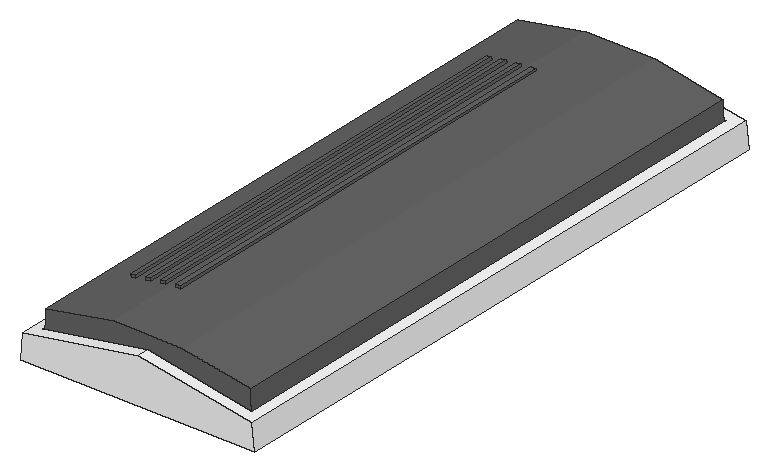
Revit family "JC KONTAKTER JCK209 FI", category Specialty Equipment, host Face, Revit 2025
Family settings
  Host = Face
  Round Connector Dimension = Use Diameter
  Part Type = Normal
  Enable Cutting in Views = Yes
  Cut with Voids When Loaded = No
  Maintain Annotation Orientation = Yes
  Shared = No
  Room Calculation Point = No
Parameters (values of type "JCK209")
  Valmistusmaa = "Ruotsi"
  URL = "https://www.jckontakter.fi/produkt/kyynarkytkin/kyynarkytkin-muovi/kyynarkytkin-jck209/"
  Tuotteen paino = "0.230 kg"
  Tekniken tuotekortti = "https://www.jckontakter.fi/wp-content/uploads/sites/4/Tekninen-tuotekortti_JCK209_FI-1.pdf"
  Pienin nimellisvirta = "12V Resistiivinen 6A Induktiivinen L/R 5ms 6A, 24V Resistiivinen 6A Induktiivinen L/R 5ms 5A"
  Nimellisestä nimellisvirrasta = "1mA/4 V DC"
  Model = "JCK209"
  Mikrokytkin = "Standar NO IP67"
  Mikrokytkimien määrä = 1
  Manufacturer = "JC Kontakter"
  Kansi = ABS 750SW (Musta)
  Description = "Tämä kyynärkytkin on valmistettu iskunkestävästä ABS-muovista. Siinä on kupera kosketuspinta, jossa on kosketusviivat, jotka osoittavat, missä painiketta tulee painaa. Tämä malli tarjoaa vahvan värikontrastin mustan kosketuspinnan ja valkoisen kehyksen kanssa. Suunniteltu ensisijaisesti sisäkäyttöön, mutta voidaan käyttää myös ulkona, koska se on varustettu kosteudenkestävällä mikrokytkimellä, jonka IP-luokka on 67."
  Default Elevation = 800 mm
  Kotelo = ABS 750SW (Valkoinen)
  CE asiakirja = "https://jckontakter.se/wp-content/uploads/CE_Dokument.pdf"
Reference planes
  plane 1 "Center (Front/Back)": y = 0
  plane 2: z = 0
  plane 3 "Center (Left/Right)": x = 0
  plane 4 "A": y = -122.5
Lines and regions (mm)
  symbolic lines
    curve 1: line (-50, 0, 50) -> (50, 0, 50)
    curve 2: line (-50, 0, 0) -> (-50, 0, 50)
    curve 3: line (50, 0, 0) -> (-50, 0, 0)
    curve 4: line (50, 0, 50) -> (50, 0, 0)
    curve 5: line (-40, 117.5, 0) -> (40, 117.5, 0)
    curve 6: line (-40, -122.5, 0) -> (-40, 117.5, 0)
    curve 7: line (40, -122.5, 0) -> (-40, -122.5, 0)
    curve 8: line (40, 117.5, 0) -> (40, -122.5, 0)
Text (mm)
  text "Poista tämä tunniste ennen käyttöä.\n\nSijoitusohjeet:\n\n1. Lataa projektiin.\n2. Vie kursori sen pinnan päälle, johon perhe tullaan sijoittamaan.\n3. Jos perhe näkyy kiertyneenä, valitse asetus \"kierrä sijoittamisen jälkeen\".\n4. Napsauta haluttua pintaa.\n5. Kirjoita haluttu kulma.\n6. Paina Enter." at (123.173, 1072.34, 0), in view "Ref. Level"
Dimensions and locks
  aligned and locked: plane 2 to host face
  aligned and locked: level to host face
Nested families
  nested 1: "AK_209" at (0, -122.5, 0) x (1, 0, 0) z (0, 1, 0), type "AK_209"
Definition of nested family "AK_209"
  Parameters (values of type "AK_209")
    URL = "https://jckontakter.se/produkt/armbagskontakter-plast/armbagskontakt-jck209/"
    Model = "JCK209"  # constant formula
    Manufacturer = "JC Kontakter"  # constant formula
    Lid Finish = none
    Default Elevation = 1219.2 mm
    Core Finish = none
    Description = "JCK209 är en tålig armbågskontakt med konvex tryckplatta och taktila rillor. Rillorna underlättar för synsvaga att veta var de ska trycka för att aktivera armbågskontakten.\r\nModellen har svart lock för maximal kontrastering mot den ljusgrå botten.\r\nJCK209 levereras med 1st mikrobrytare i IP67, men går även att beställa med fler."  # constant formula
  Reference planes
    plane 1 "Center (Front/Back)": y = 0
    plane 2: z = 0
    plane 3 "Center (Left/Right)": x = 0
    plane 4 "1": x = 47.5
    plane 5 "A": z = 5
    plane 6 "B": z = 245
  Forms (mm)
    Extrusion 1, solid, material <- "Core Finish"
      sketch origin (0, 0, 0) x (1, 0, 0) y (0, 1, 0)
        loop
          line (-47.5, 0) -> (-46.5, -10) -> (0, -18) -> (46.5, -10) -> (47.5, 0) -> (-47.5, 0)
      from 0 to 250
    Extrusion 2, void
      sketch origin (0, 0, 0) x (1, 0, 0) y (0, 1, 0)
        loop
          line (-42.5, -4) -> (-42.5, -18.223) -> (42.5, -18.223) -> (42.5, -4) -> (-42.5, -4)
      from 5 to 245
    Extrusion 3, solid, material <- "Lid Finish"
      sketch origin (0, 0, 5) x (-1, 0, 0) y (0, -1, 0)
        loop
          line (-42, 6) -> (42, 6) -> (41.5, 18.145)
          arc (41.5, 18.145) -> (0, 24) -> (-41.5, 18.145) r 150
          line (-41.5, 18.145) -> (-42, 6)
      from 0.5 to 239.5
    Extrusion 4, solid, material <- "Lid Finish"
      sketch origin (0, 0, 5) x (-1, 0, 0) y (0, -1, 0)
        loop
          line (30.48, 20.761) -> (30.656, 21.746) -> (28.687, 22.097) -> (28.511, 21.112) -> (30.48, 20.761)
        loop
          line (24.5, 21.866) -> (24.634, 22.857) -> (22.652, 23.126) -> (22.518, 22.135) -> (24.5, 21.866)
        loop
          line (18.504, 22.704) -> (18.644, 23.694) -> (16.664, 23.975) -> (16.524, 22.985) -> (18.504, 22.704)
        loop
          line (12.5, 23.393) -> (12.5, 24.393) -> (10.5, 24.393) -> (10.5, 23.393) -> (12.5, 23.393)
      from 30 to 210
  Cuts and joins
    Extrusion 2 cuts Extrusion 1
  Dimensions and locks
    aligned and locked: level to plane 2
